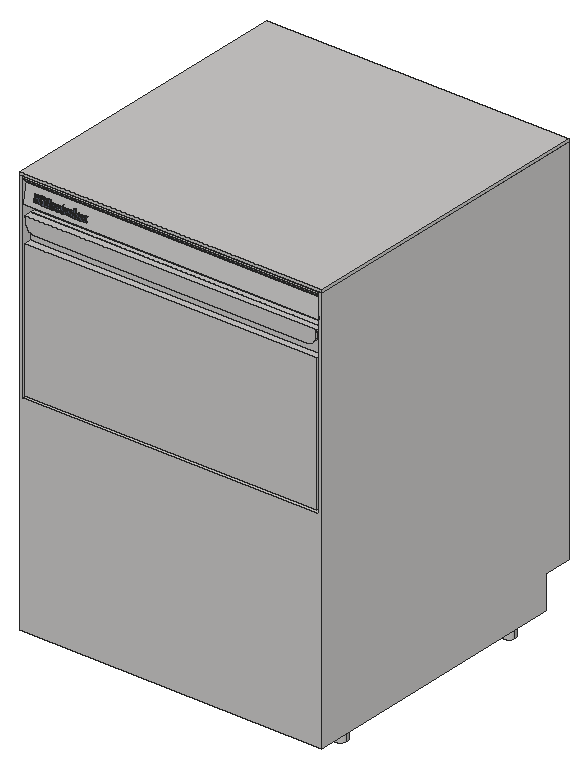
Revit family "QF_ELECTROLUXPROFESSIONAL_520000_EUC40G1", category Specialty Equipment, Revit 2023
Family settings
  Round Connector Dimension = Use Diameter
  Part Type = Normal
  Work Plane-Based = No
  Enable Cutting in Views = No
  Always vertical = Yes
  Cut with Voids When Loaded = No
  Maintain Annotation Orientation = No
  Shared = No
  Room Calculation Point = No
Parameters
  Weight = 64.00 kg
  Watts = 0 W
  Volts = 230 V
  URL Manufacturer = "http://www.electroluxprofessional.com"
  URL = "http://www.electroluxprofessional.com"
  Steam Supply Size = 0 mm
  Steam Supply Minimum Pressure = 0.0 Pa
  Steam Supply Maximum Pressure = 0.0 Pa
  Steam Pounds per Hour = 0
  Show Logo [instance] = yes
  Show Clearance [instance] = yes
  Refrigeration Suction Line Size = 0 mm
  Refrigeration Liquid Line Size = 0 mm
  Refrigerant Compressor Remote = yes
  Manufacturer = "Electrolux Professional"
  Phase = 1
  Model = "EUC40G1"
  Length Actual = 600 mm
  Item Number = "520000"
  Hot Water Size = 19.05 mm
  Height Actual = 840 mm
  HP = "4.8 HP"
  Gas Size = 0 mm
  Gas KW = 0
  Gas Input Pressure = 0 W
  Direct Waste Size = 22 mm
  Description = "UC DW+DOUBLE S+DRAIN P+DET DISP,3C,40R/H,230V"
  Depth Actual = 600 mm
  Default Elevation = 0 mm
  Cycle = 50 Hz
  Condensate Return Size = 0 mm
  Compressed Air Volume = 0.0 L/s
  Compressed Air Size = 0 mm
  Compressed Air Pressure = 0.0 Pa
  Cold Water Size = 0 mm
  Accessory = no
Reference planes
  plane 1 "Center (Front/Back)": y = 0
  plane 2: z = 0
  plane 3 "Center (Left/Right)": x = 0
  plane 4 "LEFT": x = -299
  plane 5 "RIGHT": x = 299
  plane 6 "FRONT": y = -306
  plane 7 "BACK": y = 306
  plane 8: x = -281
  plane 9: x = 281
  plane 10: z = 830
  plane 11: z = 20
  plane 12: y = -281
Forms (mm)
  Extrusion 1, solid, material "QF_Finishes_Stainless Steel"
    sketch origin (0, 0, 0) x (1, 0, 0) y (0, 1, 0)
      loop
        line (-299, -306) -> (299, -306) -> (299, 249) -> (-299, 249) -> (-299, -306)
    from 20 to 830
  Extrusion 2, solid, material "QF_Finishes_Stainless Steel"
    sketch origin (0, 0, 0) x (1, 0, 0) y (0, 1, 0)
      loop
        line (-299, 249) -> (299, 249) -> (299, 306) -> (-299, 306) -> (-299, 249)
    from 86 to 830
  Extrusion 3, solid, material "QF_Finishes_Stainless Steel"
    sketch origin (0, 0, 0) x (1, 0, 0) y (0, 1, 0)
      loop
        circle (-281, 181) r 12.5
      loop
        circle (281, 181) r 12.5
      loop
        circle (-281, -236) r 12.5
      loop
        circle (281, -236) r 12.5
    from 0 to 20
  Extrusion 4, void
    sketch origin (-299, -306, 0) x (-1, 0, 0) y (0, 0, 1)
      loop
        line (-5, 830) -> (-593, 830) -> (-593, 434.506) -> (-5, 434.506) -> (-5, 830)
    from 0 to 30
  Extrusion 5, solid, material "QF_Finishes_Stainless Steel"
    sketch origin (-288, -392, 738) x (0, 0, -1) y (1, 0, 0)
      loop
        circle (688, 94) r 10
    from -641 to -698
  Extrusion 6, solid, material "QF_Door-Drawer Clearances", visible <- "Show Clearance", detail levels coarse
    sketch origin (-230, -282.5, 0) x (0, 1, 0) y (0, 0, -1)
      loop
        line (-23.5, -440) -> (-343.5, -440)
        arc (-343.5, -440) -> (-249.774, -666.274) -> (-23.5, -760) r 320
        line (-23.5, -760) -> (-23.5, -440)
    from 60 to -520
  Extrusion 7, solid, material "QF_Finishes_Stainless Steel"
    sketch origin (-242.481, -392, 738) x (0, 0, -1) y (1, 0, 0)
      loop
        circle (688, 236.481) r 8
    from -641 to -698
  Extrusion 8, solid, material "QF_Finishes_Stainless Steel"
    sketch origin (-230, -282.5, 0) x (0, 1, 0) y (0, 0, -1)
      loop
        line (-23.5, -440) -> (-23.5, -710) -> (-8.5, -710) -> (-8.5, -760) -> (1.5, -760) -> (1.5, -440) -> (-23.5, -440)
    from 60 to -520
  Extrusion 9, solid, material "QF_Finishes_Stainless Steel"
    sketch origin (-230, -282.5, -55) x (0, 1, 0) y (0, 0, -1)
      loop
        line (-8.5, -815) -> (-8.5, -812.514) -> (-21, -812.514) -> (-21, -786.25) -> (-23.5, -786.25) -> (-23.5, -815) -> (-8.5, -815)
    from 60 to -520
  Extrusion 10, void
    sketch origin (-230, -306, 760) x (0, 0, 1) y (1, 0, 0)
      loop
        line (-2.486, -60) -> (-2.486, -58.393) -> (-15.552, -58.393)
        arc (-15.552, -58.393) -> (-25.109, -51.319) -> (-28.75, -40) r 19.416
        line (-28.75, -40) -> (-28.75, -60) -> (-2.486, -60)
      loop
        line (-2.486, 520) -> (-28.75, 520) -> (-28.75, 500)
        arc (-28.75, 500) -> (-25.109, 511.319) -> (-15.552, 518.393) r 19.416
        line (-15.552, 518.393) -> (-2.486, 518.393) -> (-2.486, 520)
    from 0 to 2.5
  Extrusion 11, solid, material "QF_Finishes_Stainless Steel"
    sketch origin (0, 0, 0) x (1, 0, 0) y (0, 1, 0)
      loop
        line (-299, -306) -> (299, -306) -> (299, 306) -> (-299, 306) -> (-299, -306)
    from 835 to 830
  Extrusion 12, solid, material "QF_Finishes_Stainless Steel"
    sketch origin (-230, -282.5, 15) x (0, 1, 0) y (0, 0, -1)
      loop
        line (-15.517, -815) -> (6.5, -815) -> (6.5, -765.202) -> (-23.502, -765.202) -> (-16.651, -801.185)
        arc (-16.651, -801.185) -> (-16.709, -802.254) -> (-17.26, -803.171) r 2.216
        line (-17.26, -803.171) -> (-21.457, -807.367)
        arc (-21.457, -807.367) -> (-22.158, -809.293) -> (-21.133, -811.068) r 2.424
        line (-21.133, -811.068) -> (-15.517, -815)
    from -524 to 64
  Extrusion 13, solid, material "QF_Finishes_Stainless Steel"
    sketch origin (-372.481, -392, 738) x (0, 0, -1) y (1, 0, 0)
      loop
        circle (668, 282.481) r 8
    from -641 to -698
Cuts and joins
  Extrusion 4 cuts Extrusion 1
  joined: Extrusion 1, Extrusion 2
  Extrusion 10 cuts Extrusion 6
  Extrusion 10 cuts Extrusion 8
  Extrusion 10 cuts Extrusion 9
Lines and regions (mm)
  Split face 1
    outline origin (-230, -299.151, 816.185) x (0, -0.187035, -0.982353) y (1, 0, 0)
      loop
        line (12.473, -49) -> (24.129, -49)
        arc (24.129, -49) -> (31.2, -46.071) -> (34.129, -39) r 10
        line (34.129, -39) -> (34.129, 499)
        arc (34.129, 499) -> (31.2, 506.071) -> (24.129, 509) r 10
        line (24.129, 509) -> (12.473, 509)
        arc (12.473, 509) -> (5.402, 506.071) -> (2.473, 499) r 10
        line (2.473, 499) -> (2.473, -39)
        arc (2.473, -39) -> (5.402, -46.071) -> (12.473, -49) r 10
  Split face 2
    outline origin (-230, -299.151, 816.185) x (0, -0.187035, -0.982353) y (1, 0, 0)
      loop
        line (9.973, 81.452) -> (29.129, 81.452) -> (29.129, 104.231) -> (9.973, 104.231) -> (9.973, 81.452)
  Split face 3
    outline origin (-200, -299.151, 816.185) x (0, -0.187035, -0.982353) y (1, 0, 0)
      loop
        line (9.973, 81.452) -> (29.129, 81.452) -> (29.129, 104.231) -> (9.973, 104.231) -> (9.973, 81.452)
  Split face 4
    outline origin (-170, -299.151, 816.185) x (0, -0.187035, -0.982353) y (1, 0, 0)
      loop
        line (9.973, 81.452) -> (29.129, 81.452) -> (29.129, 104.231) -> (9.973, 104.231) -> (9.973, 81.452)
  Split face 5
    outline origin (-45, -299.151, 816.185) x (0, -0.187035, -0.982353) y (1, 0, 0)
      loop
        line (9.973, 79.452) -> (29.129, 79.452) -> (29.129, 102.231) -> (9.973, 102.231) -> (9.973, 79.452)
  Split face 6
    outline origin (-15, -299.151, 816.185) x (0, -0.187035, -0.982353) y (1, 0, 0)
      loop
        line (9.973, 79.452) -> (29.129, 79.452) -> (29.129, 102.231) -> (9.973, 102.231) -> (9.973, 79.452)
  Split face 7
    outline origin (15, -299.151, 816.185) x (0, -0.187035, -0.982353) y (1, 0, 0)
      loop
        line (9.973, 79.452) -> (29.129, 79.452) -> (29.129, 102.231) -> (9.973, 102.231) -> (9.973, 79.452)
  Split face 8
    outline origin (-100, -299.151, 816.185) x (0, -0.187035, -0.982353) y (1, 0, 0)
      loop
        line (9.973, 63.952) -> (29.129, 63.952) -> (29.129, 106.731) -> (9.973, 106.731) -> (9.973, 63.952)
  symbolic lines
    curve 1: line (-299, 306, 0) -> (299, 306, 0)
    curve 2: line (-299, -306, 0) -> (-299, 306, 0)
    curve 3: line (299, -306, 0) -> (-299, -306, 0)
    curve 4: line (299, 306, 0) -> (299, -306, 0)
  symbolic lines, style "QF_Door-Drawer Clearances"
    curve 5: line (-290, -626, 0) -> (290, -626, 0)
    curve 6: line (290, -626, 0) -> (290, -306, 0)
    curve 7: line (-290, -626, 0) -> (-290, -306, 0)
Dimensions and locks
  equal spacing: plane 4 "LEFT", plane 3 "Center (Left/Right)", plane 5 "RIGHT"
  equal spacing: plane 7 "BACK", plane 1 "Center (Front/Back)", plane 6 "FRONT"
  plane 7 "BACK" to plane 6 "FRONT" = 612 mm  (x2)
  plane 4 "LEFT" to plane 5 "RIGHT" = 598 mm
  plane 4 "LEFT" to plane 8 = 18 mm
  plane 9 to plane 5 "RIGHT" = 18 mm
  locked: plane 11 to level at 20
  plane 4 "LEFT" to plane 3 "Center (Left/Right)" = 299 mm
  plane 10 to level = 830 mm
  plane 8 to plane 9 = 562 mm
  locked: plane 12 to plane 6 "FRONT" at 25
  plane 11 to Extrusion 7 sketch curve = 30 mm
  plane 5 "RIGHT" to Extrusion 7 sketch curve = 305 mm  (x2)
  plane 5 "RIGHT" to Extrusion 5 sketch curve = 493 mm
  plane 11 to Extrusion 5 sketch curve = 30 mm
  cut or joined group of Extrusion 1, Extrusion 2, Extrusion 4 to Extrusion 13 sketch curve = 389 mm
  plane 11 to Extrusion 13 sketch curve = 50 mm
  plane 7 "BACK" to Extrusion 3 sketch curve = 125 mm  (x2)
  Extrusion 3 sketch curve to plane 6 "FRONT" = 70 mm  (x2)
  Extrusion 5 sketch curve to plane 4 "LEFT" = 105 mm
  aligned and locked: level to plane 2
  aligned and locked: Extrusion 1 sketch curve to plane 6 "FRONT"
  aligned and locked: Extrusion 1 sketch curve to plane 4 "LEFT"
  aligned and locked: plane 5 "RIGHT" to Extrusion 1 sketch curve
  aligned and locked: Extrusion 1 to plane 11
  aligned and locked: Extrusion 2 sketch curve to Extrusion 1  (x2)
  aligned and locked: plane 7 "BACK" to Extrusion 2 sketch curve
  aligned and locked: plane 5 "RIGHT" to Extrusion 2 sketch curve
  aligned and locked: plane 11 to Extrusion 3
  aligned and locked: Extrusion 2 to Extrusion 5
  aligned and locked: Extrusion 2 to Extrusion 7
  aligned and locked: plane 7 "BACK" to Extrusion 7
  aligned and locked: plane 7 "BACK" to Extrusion 5
  aligned and locked: Extrusion 10 to cut or joined group of Extrusion 9, Extrusion 10
  aligned and locked: Extrusion 2 to Extrusion 1
  aligned and locked: Extrusion 11 sketch curve to cut or joined group of Extrusion 1, Extrusion 2, Extrusion 4  (x4)
  aligned and locked: plane 10 to Extrusion 11
  aligned and locked: Extrusion 1 to Extrusion 4
  aligned and locked: curve 5 to cut or joined group of Extrusion 6, Extrusion 10
Automatic sketch dimensions
  curve 3 to plane 4 "LEFT" = 0 mm
  curve 7 to plane 6 "FRONT" = 0 mm
  curve 3 to plane 5 "RIGHT" = 0 mm
  curve 2 to plane 7 "BACK" = 0 mm
  plane 4 "LEFT" to curve 5 = 9 mm
  curve 6 to plane 5 "RIGHT" = 9 mm
  Extrusion 3 sketch curve to plane 8 = 0 mm  (x2)
  Extrusion 3 sketch curve to plane 9 = 0 mm  (x2)
  Extrusion 4 sketch curve to Extrusion 1 = 0 mm
  Extrusion 4 sketch curve to Extrusion 1 = 5 mm  (x2)
  Extrusion 4 sketch curve to Extrusion 1 = 414.506 mm
  Extrusion 6 sketch curve to plane 6 "FRONT" = 0 mm
  Extrusion 6 sketch curve to Extrusion 6 sketch curve = 320 mm
  Extrusion 6 sketch curve to plane 10 = 70 mm
  Extrusion 8 sketch curve to plane 6 "FRONT" = 0 mm
  Extrusion 8 sketch curve to plane 12 = 0 mm
  Extrusion 8 sketch curve to Extrusion 8 sketch curve = 10 mm
  Extrusion 8 sketch curve to plane 10 = 70 mm
  Extrusion 8 sketch curve to Extrusion 8 sketch curve = 50 mm
  Extrusion 8 sketch curve to Extrusion 8 sketch curve = 270 mm
  Extrusion 9 sketch curve to plane 6 "FRONT" = 0 mm
  Extrusion 9 sketch curve to Extrusion 9 sketch curve = 2.5 mm
  Extrusion 9 sketch curve to plane 12 = 10 mm
  Extrusion 9 sketch curve to plane 10 = 70 mm
  Extrusion 9 sketch curve to Extrusion 9 sketch curve = 2.486 mm
  Extrusion 9 sketch curve to Extrusion 9 sketch curve = 26.264 mm
  Extrusion 10 sketch curve to Extrusion 9 = 0 mm  (x4)
  Extrusion 10 sketch curve to Extrusion 9 = 1.607 mm  (x2)
  Extrusion 10 sketch curve to Extrusion 9 = 13.198 mm  (x2)
  Extrusion 10 sketch curve to Extrusion 9 = 9.334 mm  (x2)
  Extrusion 10 sketch curve to Extrusion 9 = 2.486 mm  (x2)
  Split face 1 sketch curve to Extrusion 12 = 2.473 mm
  Split face 1 sketch curve to Extrusion 12 = 12.473 mm  (x2)
  Split face 1 sketch curve to Split face 1 sketch curve = 11.656 mm  (x2)
  Split face 1 sketch curve to Extrusion 12 = 15 mm
  Split face 1 sketch curve to Extrusion 12 = 25 mm
  Split face 2 sketch curve to Extrusion 12 = 9.973 mm
  Split face 2 sketch curve to Extrusion 12 = 145.452 mm
  Split face 2 sketch curve to Split face 2 sketch curve = 22.778 mm
  Split face 3 sketch curve to Extrusion 12 = 9.973 mm
  Split face 3 sketch curve to Extrusion 12 = 175.452 mm
  Split face 3 sketch curve to Split face 3 sketch curve = 22.778 mm
  Split face 4 sketch curve to Extrusion 12 = 9.973 mm
  Split face 4 sketch curve to Extrusion 12 = 205.452 mm
  Split face 4 sketch curve to Split face 4 sketch curve = 22.778 mm
  Split face 5 sketch curve to Extrusion 12 = 9.973 mm
  Split face 5 sketch curve to Extrusion 12 = 259.548 mm
  Split face 5 sketch curve to Split face 5 sketch curve = 22.778 mm
  Split face 6 sketch curve to Extrusion 12 = 9.973 mm
  Split face 6 sketch curve to Extrusion 12 = 229.548 mm
  Split face 6 sketch curve to Split face 6 sketch curve = 22.778 mm
  Split face 7 sketch curve to Extrusion 12 = 9.973 mm
  Split face 7 sketch curve to Extrusion 12 = 199.548 mm
  Split face 7 sketch curve to Split face 7 sketch curve = 22.778 mm
  Split face 8 sketch curve to Extrusion 12 = 9.973 mm
  Split face 8 sketch curve to Extrusion 12 = 257.952 mm
  Split face 8 sketch curve to Split face 8 sketch curve = 42.778 mm
  Extrusion 1 sketch curve to plane 7 "BACK" = 57 mm
  Extrusion 3 sketch curve to plane 7 "BACK" = 125 mm
  Extrusion 12 sketch curve to plane 10 = 0 mm
  plane 6 "FRONT" to Extrusion 12 sketch curve = 2.043 mm
  plane 6 "FRONT" to Extrusion 12 sketch curve = 2.367 mm
  Extrusion 12 sketch curve to Extrusion 12 sketch curve = 1.567 mm  (x2)
  Extrusion 12 sketch curve to Extrusion 12 sketch curve = 0.609 mm
  Extrusion 12 sketch curve to Extrusion 12 sketch curve = 5.616 mm
  plane 12 to Extrusion 12 sketch curve = 5 mm
  Extrusion 12 sketch curve to plane 10 = 3.932 mm
  Extrusion 12 sketch curve to Extrusion 12 sketch curve = 35.982 mm
  Extrusion 12 sketch curve to plane 6 "FRONT" = 0.002 mm
  Extrusion 12 sketch curve to Extrusion 12 sketch curve = 1.714 mm
  Extrusion 12 sketch curve to Extrusion 12 sketch curve = 1.986 mm
  Extrusion 12 sketch curve to Extrusion 12 sketch curve = 4.196 mm
  plane 6 "FRONT" to Extrusion 12 sketch curve = 4.673 mm
  Split face 1 sketch curve to Extrusion 12 = 2.5 mm
  Split face 2 sketch curve to Extrusion 12 = 7.5 mm
  Split face 3 sketch curve to Extrusion 12 = 7.5 mm
  Split face 4 sketch curve to Extrusion 12 = 7.5 mm
  Split face 5 sketch curve to Extrusion 12 = 7.5 mm
  Split face 6 sketch curve to Extrusion 12 = 7.5 mm
  Split face 7 sketch curve to Extrusion 12 = 7.5 mm
  Split face 8 sketch curve to Extrusion 12 = 7.5 mm
  radius of Extrusion 3 sketch curve = 12.5 mm  (x4)
  radius of Extrusion 5 sketch curve = 10 mm
  radius of Extrusion 7 sketch curve = 8 mm
  radius of Extrusion 13 sketch curve = 8 mm
Nested families
  nested 1: "ELX_Logo_S" at (-220, -302.854, 796.736) x (1, 0, 0) z (0, -0.9824, 0.187), visible <- "Show Logo", type "ELX_Logo_S"
Connectors
  piping at (-194, 306, 50), diameter 20
    settings: on Extrusion 5, index 1, connector inside diameter 609.6 mm, connector length 0 mm, flow factor 0, pipe flow 0.0 L/s, pressure drop 0.0 Pa, fitting loss kfactor 0, connector angle 0.00°, fixture units 0, engagement length 0 mm, angle of deflection 0.00°, flow configuration 1, flow direction 2, fitting loss method 0, system type 16, joint type 0, gender type 0, connector reference index -1, connector utility 0, adjustable connector no, is connector primary yes, connector description "Drain"
  piping at (-6, 306, 50), diameter 19.05, driven by "Hot Water Size"
    settings: on Extrusion 7, index 3, connector inside diameter 609.6 mm, connector length 0 mm, flow factor 0, pipe flow 0.0 L/s, pressure drop 0.0 Pa, fitting loss kfactor 0, connector angle 0.00°, fixture units 0, engagement length 0 mm, angle of deflection 0.00°, flow configuration 1, flow direction 1, fitting loss method 0, system type 19, joint type 0, gender type 0, connector reference index -1, connector utility 0, adjustable connector no, is connector primary no, connector description "Hot Water Inlet"
  electrical at (-90, 306, 70), driven by "Volts"
    settings: on Extrusion 13, index 4, voltage 230 V, apparent load 0 VA, apparent load phase1 0 VA, apparent load phase2 0 VA, apparent load phase3 0 VA, power factor 1, load classification "Altro", number of poles 1, system type 30, power factor state 1, is connector primary yes, connector utility no, sub classification motor no, connector description "Electrical Connection"
Definition of nested family "ELX_Logo_S"
  Parameters
    Default Elevation = 0 mm
  Reference planes
    plane 1 "Centro (Fronte/Retro)": y = 0
    plane 2: z = 0
    plane 3 "Centro (Sinistra/Destra)": x = 0
  Forms (mm)
    Extrusion 1, solid
      sketch origin (0, 0, 0) x (1, 0, 0) y (0, 1, 0)
        loop
          line (-1219.2, 1219.2) -> (-1219.2, -1219.2) -> (1219.2, -1219.2) -> (1219.2, 1219.2) -> (-1219.2, 1219.2)
      from 0 to -304.8
    Extrusion 2, solid
      sketch origin (0, 0, 0) x (1, 0, 0) y (0, 1, 0)
        loop
          line (-43.793, 5.912) -> (-43.793, -6.455)
          arc (-43.793, -6.455) -> (-39.222, -0.272) -> (-43.793, 5.912) r 6.467
        loop
          arc (-44.422, 5.912) -> (-49.565, 4.743) -> (-52.043, 0.087) r 6.338
          line (-52.043, 0.087) -> (-49.997, 0.087)
          arc (-49.997, 0.087) -> (-46.342, 1.57) -> (-44.422, 5.016) r 5.941
          line (-44.422, 5.016) -> (-44.422, 5.912)
        loop
          arc (-44.422, -5.559) -> (-46.342, -2.114) -> (-49.997, -0.63) r 5.941
          line (-49.997, -0.63) -> (-52.043, -0.63)
          arc (-52.043, -0.63) -> (-49.569, -5.324) -> (-44.422, -6.614) r 6.504
          line (-44.422, -6.614) -> (-44.422, -5.559)
        loop
          line (-52.512, 6.586) -> (-52.512, -7.158) -> (-38.749, -7.158) -> (-38.749, 6.586) -> (-52.512, 6.586)
        loop
          arc (-35.782, 6.67) -> (-36.139, 6.322) -> (-35.801, 5.955) r 0.358
          arc (-35.801, 5.955) -> (-35.051, 5.641) -> (-34.666, 4.924) r 1.216
          line (-34.666, 4.924) -> (-34.666, -5.488)
          arc (-34.666, -5.488) -> (-34.944, -6.148) -> (-35.54, -6.544) r 1.238
          arc (-35.54, -6.544) -> (-35.791, -6.939) -> (-35.437, -7.244) r 0.358
          line (-35.437, -7.244) -> (-25.558, -7.244) -> (-25.558, -4.494) -> (-26.455, -4.494)
          arc (-26.455, -4.494) -> (-27.035, -5.403) -> (-28.012, -5.858) r 1.928
          line (-28.012, -5.858) -> (-30.511, -5.858)
          arc (-30.511, -5.858) -> (-31.24, -5.583) -> (-31.604, -4.894) r 1.101
          line (-31.604, -4.894) -> (-31.604, -0.808) -> (-27.931, -0.808)
          arc (-27.931, -0.808) -> (-27.434, -1.16) -> (-27.206, -1.725) r 1.083
          arc (-27.206, -1.725) -> (-26.9, -1.989) -> (-26.622, -1.697) r 0.292
          line (-26.622, -1.697) -> (-26.622, 1.265)
          arc (-26.622, 1.265) -> (-26.895, 1.568) -> (-27.225, 1.329) r 0.305
          arc (-27.225, 1.329) -> (-27.473, 0.839) -> (-27.931, 0.534) r 1.083
          line (-27.931, 0.534) -> (-31.604, 0.534) -> (-31.604, 5.211) -> (-27.857, 5.211)
          arc (-27.857, 5.211) -> (-27.101, 4.997) -> (-26.603, 4.39) r 1.314
          arc (-26.603, 4.39) -> (-26.199, 4.171) -> (-25.907, 4.526) r 0.361
          line (-25.907, 4.526) -> (-25.907, 6.67) -> (-35.782, 6.67)
        loop
          arc (-25.126, 5.953) -> (-24.207, 5.572) -> (-23.827, 4.654) r 1.299
          line (-23.827, 4.654) -> (-23.827, -4.925)
          arc (-23.827, -4.925) -> (-24.205, -5.763) -> (-25.083, -6.035) r 1.118
          line (-25.083, -6.035) -> (-25.083, -7.244) -> (-19.733, -7.244) -> (-19.733, -6.056)
          arc (-19.733, -6.056) -> (-20.65, -5.784) -> (-21.046, -4.914) r 1.153
          line (-21.046, -4.914) -> (-21.046, 7.158) -> (-25.126, 5.953)
        loop
          line (-17.097, -2.28) -> (-10.65, -2.28) -> (-10.65, -1.481)
          arc (-10.65, -1.481) -> (-11.634, 1.1) -> (-14.088, 2.369) r 3.874
          line (-14.088, 2.369) -> (-15.848, 2.369)
          arc (-15.848, 2.369) -> (-18.713, 1.182) -> (-19.899, -1.682) r 4.051
          line (-19.899, -1.682) -> (-19.899, -3.691)
          arc (-19.899, -3.691) -> (-18.414, -6.509) -> (-15.407, -7.561) r 4.352
          arc (-15.407, -7.561) -> (-12.944, -7.196) -> (-10.87, -5.819) r 5.713
          line (-10.87, -5.819) -> (-10.87, -4.87)
          arc (-10.87, -4.87) -> (-12.439, -5.603) -> (-14.157, -5.819) r 5.579
          arc (-14.157, -5.819) -> (-16.12, -5.025) -> (-17.097, -3.146) r 3.057
          line (-17.097, -3.146) -> (-17.097, -2.28)
        loop
          line (-17.097, -1.02) -> (-13.515, -1.02)
          arc (-13.515, -1.02) -> (-13.468, 0.436) -> (-14.627, 1.319) r 1.59
          line (-14.627, 1.319) -> (-15.457, 1.319)
          arc (-15.457, 1.319) -> (-16.712, 0.455) -> (-17.097, -1.02) r 2.184
        loop
          arc (-1.232, 1.771) -> (-2.906, 2.259) -> (-4.643, 2.417) r 9.023
          line (-4.643, 2.417) -> (-6.005, 2.417)
          arc (-6.005, 2.417) -> (-8.805, 1.257) -> (-9.965, -1.542) r 3.959
          line (-9.965, -1.542) -> (-9.965, -4.142)
          arc (-9.965, -4.142) -> (-8.672, -6.424) -> (-6.299, -7.541) r 4.331
          line (-6.299, -7.541) -> (-4.164, -7.541)
          arc (-4.164, -7.541) -> (-2.614, -7.033) -> (-1.268, -6.112) r 5.772
          arc (-1.268, -6.112) -> (-1.217, -5.35) -> (-1.976, -5.263) r 0.553
          arc (-1.976, -5.263) -> (-2.71, -5.651) -> (-3.529, -5.785) r 2.573
          line (-3.529, -5.785) -> (-5.044, -5.785)
          arc (-5.044, -5.785) -> (-6.686, -4.779) -> (-7.328, -2.965) r 2.884
          line (-7.328, -2.965) -> (-7.328, -1.686)
          arc (-7.328, -1.686) -> (-6.768, 0.135) -> (-5.103, 1.062) r 2.554
          line (-5.103, 1.062) -> (-4.05, 1.062)
          arc (-4.05, 1.062) -> (-3.122, 0.73) -> (-2.387, 0.073) r 2.564
          arc (-2.387, 0.073) -> (-1.67, -0.148) -> (-1.232, 0.461) r 0.643
          line (-1.232, 0.461) -> (-1.232, 1.771)
        loop
          line (-0.962, 0.752) -> (0.539, 0.752) -> (0.539, -5.296)
          arc (0.539, -5.296) -> (1.197, -6.884) -> (2.785, -7.541) r 2.246
          line (2.785, -7.541) -> (4.369, -7.541)
          arc (4.369, -7.541) -> (5.233, -7.228) -> (6.005, -6.727) r 4.06
          arc (6.005, -6.727) -> (6.138, -5.995) -> (5.437, -5.743) r 0.576
          arc (5.437, -5.743) -> (4.911, -5.849) -> (4.379, -5.785) r 1.69
          arc (4.379, -5.785) -> (3.591, -5.244) -> (3.288, -4.337) r 1.506
          line (3.288, -4.337) -> (3.288, 0.801) -> (5.685, 0.801) -> (6.241, 1.357) -> (6.241, 2.179) -> (3.382, 2.179) -> (3.382, 5.41) -> (-0.962, 0.752)
        loop
          line (7.139, -7.324) -> (12.526, -7.324) -> (12.526, -6.214)
          arc (12.526, -6.214) -> (11.575, -5.82) -> (11.181, -4.869) r 1.345
          line (11.181, -4.869) -> (11.181, -1.253)
          arc (11.181, -1.253) -> (11.773, -0.488) -> (12.695, -0.199) r 1.615
          line (12.695, -0.199) -> (14.251, -0.199) -> (14.936, 2.357) -> (13.553, 2.357) -> (10.994, 0.414) -> (10.994, 2.295) -> (8.288, 2.01)
          arc (8.288, 2.01) -> (7.758, 1.571) -> (7.959, 0.912) r 0.621
          arc (7.959, 0.912) -> (8.301, 0.512) -> (8.484, 0.018) r 1.501
          line (8.484, 0.018) -> (8.484, -4.869)
          arc (8.484, -4.869) -> (8.09, -5.82) -> (7.139, -6.214) r 1.345
          line (7.139, -6.214) -> (7.139, -7.324)
        loop
          line (14.473, -1.222) -> (14.473, -3.914)
          arc (14.473, -3.914) -> (15.781, -6.36) -> (18.311, -7.494) r 4.288
          arc (18.311, -7.494) -> (19.692, -7.557) -> (21.072, -7.494) r 15.022
          arc (21.072, -7.494) -> (23.603, -6.36) -> (24.91, -3.914) r 4.288
          line (24.91, -3.914) -> (24.91, -1.222)
          arc (24.91, -1.222) -> (23.603, 1.223) -> (21.072, 2.357) r 4.288
          arc (21.072, 2.357) -> (19.692, 2.421) -> (18.311, 2.357) r 15.022
          arc (18.311, 2.357) -> (15.781, 1.223) -> (14.473, -1.222) r 4.288
        loop
          line (17.587, -1.017) -> (17.587, -4.119)
          arc (17.587, -4.119) -> (19.744, -6.276) -> (21.901, -4.119) r 2.157
          line (21.901, -4.119) -> (21.901, -1.017)
          arc (21.901, -1.017) -> (19.744, 1.14) -> (17.587, -1.017) r 2.157
        loop
          arc (24.768, 5.964) -> (25.662, 5.593) -> (26.033, 4.699) r 1.264
          line (26.033, 4.699) -> (26.033, -5.165)
          arc (26.033, -5.165) -> (25.636, -6.035) -> (24.72, -6.307) r 1.153
          line (24.72, -6.307) -> (24.72, -7.244) -> (29.828, -7.244) -> (29.828, -6.316)
          arc (29.828, -6.316) -> (29.056, -5.957) -> (28.741, -5.165) r 1.153
          line (28.741, -5.165) -> (28.741, 7.158) -> (24.768, 5.964)
        loop
          arc (29.365, 1.084) -> (30.43, 0.885) -> (30.912, -0.085) r 1.215
          line (30.912, -0.085) -> (30.912, -5.105)
          arc (30.912, -5.105) -> (31.559, -6.719) -> (33.142, -7.44) r 2.338
          line (33.142, -7.44) -> (34.657, -7.44)
          arc (34.657, -7.44) -> (35.661, -7.266) -> (36.547, -6.763) r 2.979
          line (36.547, -6.763) -> (38.344, -7.244) -> (40.032, -7.244) -> (40.032, 2.181) -> (35.829, 1.887) -> (35.829, 1.101)
          arc (35.829, 1.101) -> (36.665, 0.745) -> (37.174, -0.007) r 1.605
          line (37.174, -0.007) -> (37.174, -5.11)
          arc (37.174, -5.11) -> (36.237, -5.531) -> (35.213, -5.603) r 2.94
          arc (35.213, -5.603) -> (34.112, -5.042) -> (33.669, -3.889) r 1.724
          line (33.669, -3.889) -> (33.669, 2.307) -> (29.365, 1.084)
        loop
          line (40.886, 2.112) -> (42.932, 0.44) -> (45.238, -2.734) -> (42.126, -6.191)
          arc (42.126, -6.191) -> (41.732, -6.428) -> (41.273, -6.405) r 0.789
          line (41.273, -6.405) -> (41.273, -7.244) -> (44.818, -7.244) -> (44.818, -6.418)
          arc (44.818, -6.418) -> (44.456, -6.076) -> (44.548, -5.586) r 0.52
          line (44.548, -5.586) -> (46.019, -3.786) -> (47.394, -5.904)
          arc (47.394, -5.904) -> (47.084, -6.305) -> (46.585, -6.392) r 0.7
          line (46.585, -6.392) -> (46.585, -7.244) -> (52.512, -7.244) -> (52.512, -6.358)
          arc (52.512, -6.358) -> (51.853, -6.291) -> (51.322, -5.896) r 1.247
          line (51.322, -5.896) -> (48.041, -1.696) -> (50.094, 0.751) -> (51.836, 2.112) -> (48.112, 2.112) -> (48.535, 0.627) -> (47.258, -0.895) -> (46.068, 0.806) -> (46.844, 2.112) -> (40.886, 2.112)
      from 0 to 1.644
  Dimensions and locks
    aligned and locked: plane 2 to Extrusion 1
    aligned and locked: level to Extrusion 1
